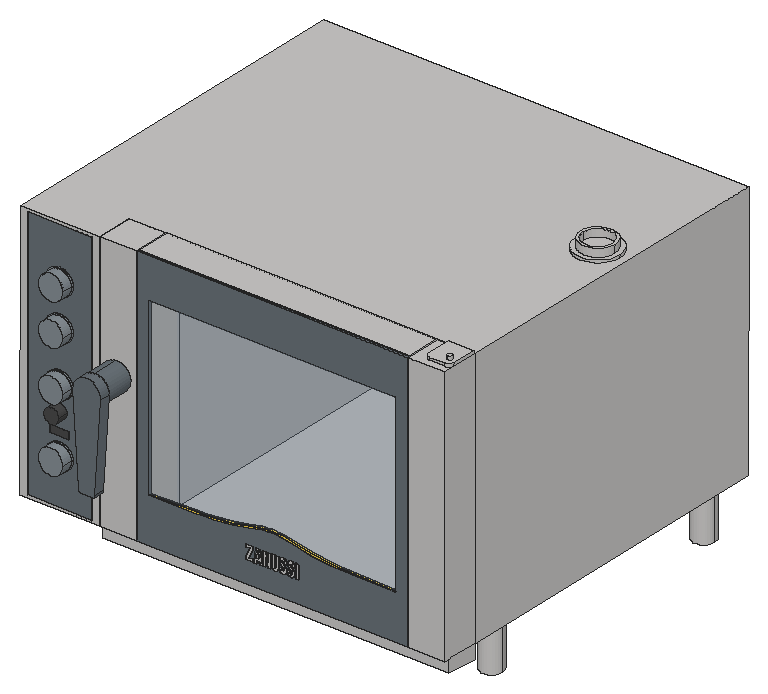
Revit family "QF_ZANUSSI_240450_ZFCE61SSDS", category Attrezzature speciali, Revit 2023
Family settings
  Quota connettore circolare = Usa diametro
  Tipo di parte = Normale
  Basato su piano di lavoro = No
  Attiva taglio nelle viste = No
  Sempre verticale = Sì
  Taglio con vuoti quando caricato = No
  Mantieni orientamento annotazione = No
  Condiviso = No
  Punto di calcolo locali = No
Parameters (values of type "Standard")
  Weight = 92.10 kg
  Watts = 350 W
  Volts = 220 V
  URL Manufacturer = "https://www.electroluxprofessional.com/"
  URL = "https://www.electroluxprofessional.com/"
  Steam Supply Size = 0 mm
  Steam Supply Minimum Pressure = 0.0 Pa
  Steam Supply Maximum Pressure = 0.0 Pa
  Steam Consumption per Hour = 0
  Show Logo [instance] = yes
  Show Clearance [instance] = yes
  Refrigeration Suction Line Size = 0 mm
  Refrigeration Liquid Line Size = 0 mm
  Refrigerant Compressor Remote = yes
  Prospetto di default = 0 mm
  Produttore = "Electrolux Professional"
  Phase = 1
  Modello = "EFCG61CSAS"
  Length Actual = 860 mm  # constant formula
  Item Number = "260813"
  Hot Water Size = 0 mm
  Height Actual = 701 mm  # constant formula
  HP = "0.5 HP"
  Gas Size = 12.7 mm
  Gas KW = 8.5
  Gas Input Pressure = 0.0585289 W
  Direct Waste Size = 25 mm
  Descrizione = "CONVECTION OVEN CW 6 GN 1/1 - GAS"
  Depth Actual = 767 mm  # constant formula
  Cycle = 50 Hz
  Condensate Return Size = 0 mm
  Compressed Air Volume = 0.0 L/s
  Compressed Air Size = 0 mm
  Compressed Air Pressure = 0.0 Pa
  Cold Water Size = 19.05 mm
  Accessory = yes
Reference planes
  plane 1 "Center X": y = 96.351
  plane 2: z = 0
  plane 3 "Center Y": x = -330
  plane 4 "LEFT": x = -760
  plane 5 "BACK": y = 479.851
  plane 6 "RIGHT": x = 100
  plane 7 "FRONT": y = -287.149
  plane 8: x = -710
  plane 9 "FeetBack": y = 429.851
  plane 10 "DoorDepth": y = -212.149
  plane 11: x = 80
  plane 12 "BASE": z = 108
  plane 13 "TOP": z = 633
  plane 14: z = 0
  plane 15 "1": y = 173.851
  plane 16 "FeetFront": y = -107.149
  plane 17: z = 653.369
  plane 18: y = -362.149
  plane 19 "Drain_X": x = -323
  plane 20 "Drain_Y": y = 61.851
  plane 21 "EI_x": x = -663
  plane 22 "EI_y": y = 13.851
  plane 23 "CWI_y": y = 304.851
  plane 24 "CWI_x": x = -689
  plane 25: y = -935.149
  plane 26: x = 40
Forms (mm)
  Extrusion 1, solid, material "QF_Finishes_Stainless Steel"
    sketch origin (0, 2, 108) x (-1, 0, 0) y (0, -1, 0)
      loop
        circle (689, -302.851) r 13.25
    from -5 to 0
  Extrusion 2, solid, material "QF_Finishes_Stainless Steel"
    sketch origin (0, 57.5, 108) x (-1, 0, 0) y (0, -1, 0)
      loop
        circle (663, 43.649) r 13.25
    from -5 to 0
  Extrusion 3, solid, material "QF_Finishes_Stainless Steel"
    sketch origin (89, -125, 108) x (-1, 0, 0) y (0, -1, 0)
      loop
        circle (412, -186.851) r 13.25
    from -5 to 0
  Extrusion 4, solid, material "QF_Finishes_Black"
    sketch origin (0, -287.149, 127) x (-1, 0, 0) y (0, 0, 1)
      loop
        circle (680.941, 161.023) r 15
    from 0 to -20
  Extrusion 5, solid, material "QF_Finishes_Stainless Steel"
    sketch origin (15, -153.5, 108) x (-1, 0, 0) y (0, -1, 0)
      loop
        circle (694, -119.351) r 13.25
    from -5 to 0
  Extrusion 6, solid, material "QF_Finishes_Zanussi_Soft Gray"
    sketch origin (0, -287.149, -6) x (-1, 0, 0) y (0, 0, 1)
      loop
        circle (680, 528.824) r 26.676
    from 0 to -3
  Blend 7, solid, material "QF_Finishes_Zanussi_Soft Gray"
    base sketch origin (0, -287.149, -6) x (-1, 0, 0) y (0, 0, 1)
      loop
        circle (680, 528.824) r 25
    top sketch origin (0, -287.149, -6) x (-1, 0, 0) y (0, 0, 1)
      loop
        circle (680, 528.824) r 24.8
    from -3 to -23
  Extrusion 8, solid, material "QF_Finishes_Zanussi_Soft Gray"
    sketch origin (0, -287.149, -5) x (-1, 0, 0) y (0, 0, 1)
      loop
        circle (680, 443.824) r 26.676
    from 0 to -3
  Blend 9, solid, material "QF_Finishes_Zanussi_Soft Gray"
    base sketch origin (0, -287.149, -5) x (-1, 0, 0) y (0, 0, 1)
      loop
        circle (680, 443.824) r 25
    top sketch origin (0, -287.149, -5) x (-1, 0, 0) y (0, 0, 1)
      loop
        circle (680, 443.824) r 24.8
    from -3 to -23
  Extrusion 10, solid, material "QF_Finishes_Zanussi_Soft Gray"
    sketch origin (0, -287.149, -22) x (-1, 0, 0) y (0, 0, 1)
      loop
        circle (680, 358.824) r 26.676
    from 0 to -3
  Blend 11, solid, material "QF_Finishes_Zanussi_Soft Gray"
    base sketch origin (0, -287.149, -22) x (-1, 0, 0) y (0, 0, 1)
      loop
        circle (680, 358.824) r 25
    top sketch origin (0, -287.149, -22) x (-1, 0, 0) y (0, 0, 1)
      loop
        circle (680, 358.824) r 24.8
    from -3 to -23
  Extrusion 12, solid, material "QF_Finishes_Stainless Steel"
    sketch origin (0, 0, 108) x (-1, 0, 0) y (0, -1, 0)
      loop
        line (760, -479.851) -> (760, 287.149) -> (600, 287.149) -> (600, 212.149) -> (-100, 212.149) -> (-100, -479.851) -> (760, -479.851)
    from 525 to 0
  Extrusion 13, solid, material "QF_Finishes_Zanussi_Dark Gray"
    sketch origin (0, -287.149, 0) x (-1, 0, 0) y (0, 0, 1)
      loop
        line (745, 628) -> (615, 628) -> (615, 113) -> (745, 113) -> (745, 628)
      loop
        line (660.941, 258.023) -> (660.941, 243.023) -> (700.941, 243.023) -> (700.941, 258.023) -> (660.941, 258.023)
    from 0 to 5
  Extrusion 14, void
    sketch origin (0, -287.149, 0) x (-1, 0, 0) y (0, 0, 1)
      loop
        line (745, 628) -> (615, 628) -> (615, 113) -> (745, 113) -> (745, 628)
    from 0 to 5
  Extrusion 15, void
    sketch origin (0, -287.149, 0) x (-1, 0, 0) y (0, 0, 1)
      loop
        line (-71.369, 123) -> (525, 123) -> (525, 613) -> (-71.369, 613) -> (-71.369, 123)
    from 737 to 75
  Extrusion 16, solid, material "QF_Finishes_Black"
    sketch origin (0, -287.149, 0) x (-1, 0, 0) y (0, 0, 1)
      loop
        line (700.941, 258.023) -> (660.941, 258.023) -> (660.941, 243.023) -> (700.941, 243.023) -> (700.941, 258.023)
    from 5 to 0
  Extrusion 17, solid, material "QF_Clearances", detail levels coarse
    sketch origin (0, 0, 0) x (1, 0, 0) y (0, 1, 0)
      loop
        line (-810, -287.149) -> (-760, -287.149) -> (-760, 479.851) -> (100, 479.851) -> (100, -287.149) -> (150, -287.149) -> (150, 529.851) -> (-810, 529.851) -> (-810, -287.149)
    from 633 to 0
  Extrusion 18, solid, material "QF_Finishes_Stainless Steel"
    sketch origin (0, 0, 633) x (-1, 0, 0) y (0, -1, 0)
      loop
        circle (-40, -173.851) r 45
    from 5 to 0
  Extrusion 19, solid, material "QF_Finishes_Stainless Steel"
    sketch origin (0, 0, 633) x (-1, 0, 0) y (0, -1, 0)
      loop
        circle (-40, -173.851) r 35
      loop
        circle (-40, -173.851) r 30
    from 5 to 20.369
  Extrusion 20, solid, material "QF_Finishes_Zanussi_Soft Gray"
    sketch origin (0, -287.149, -152) x (-1, 0, 0) y (0, 0, 1)
      loop
        circle (680, 358.824) r 26.676
    from 0 to -3
  Blend 21, solid, material "QF_Finishes_Zanussi_Soft Gray"
    base sketch origin (0, -287.149, -152) x (-1, 0, 0) y (0, 0, 1)
      loop
        circle (680, 358.824) r 25
    top sketch origin (0, -287.149, -152) x (-1, 0, 0) y (0, 0, 1)
      loop
        circle (680, 358.824) r 24.8
    from -3 to -23
Cuts and joins
  Extrusion 14, Extrusion 15 cuts Extrusion 12
Lines and regions (mm)
  symbolic lines
    curve 1: line (-760, -287.149, 1620) -> (-760, 479.851, 1620)
    curve 2: line (-760, 479.851, 1620) -> (100, 479.851, 1620)
    curve 3: line (-600, -212.149, 1620) -> (100, -212.149, 1620)
    curve 4: line (-600, -212.149, 1620) -> (-600, -287.149, 1620)
    curve 5: line (-760, -287.149, 1620) -> (-600, -287.149, 1620)
    curve 6: line (-706.676, -290.149, 1620) -> (-653.324, -290.149, 1620)
    curve 7: line (-706.676, -290.149, 1620) -> (-706.676, -287.149, 1620)
    curve 8: line (-653.324, -290.149, 1620) -> (-653.324, -287.149, 1620)
    curve 9: line (100, 479.851, 1620) -> (100, -287.149, 1620)
    curve 10: line (-704.8, -310.149, 684) -> (-655.2, -310.149, 684)
    curve 11: line (-704.8, -310.149, 684) -> (-705, -290.149, 684)
    curve 12: line (-655.2, -310.149, 684) -> (-655, -290.149, 684)
    curve 18: circle (40, 173.851, 633) r 45 normal (0, 0, 1)
    curve 19: circle (40, 173.851, 633) r 35 normal (0, 0, 1)
    curve 20: circle (40, 173.851, 633) r 30 normal (0, 0, -1)
  symbolic lines, style "QF_Clearances", detail levels coarse
    curve 13: line (-810, -287.149, 0) -> (-810, 529.851, 0)
    curve 14: line (-810, 529.851, 0) -> (150, 529.851, 0)
    curve 15: line (150, 529.851, 0) -> (150, -287.149, 0)
    curve 16: line (150, -287.149, 0) -> (100, -287.149, 0)
    curve 17: line (-810, -287.149, 0) -> (-753.438, -287.149, 0)
Dimensions and locks
  equal spacing: plane 4 "LEFT", plane 3 "Center Y", plane 6 "RIGHT"
  "Length Actual": plane 4 "LEFT" to plane 6 "RIGHT"
  "Depth Actual": plane 5 "BACK" to plane 7 "FRONT"
  equal spacing: plane 5 "BACK", plane 1 "Center X", plane 7 "FRONT"
  plane 12 "BASE" to plane 14 = 108 mm
  plane 13 "TOP" to plane 12 "BASE" = 525 mm
  plane 13 "TOP" to plane 14 = 633 mm
  plane 5 "BACK" to plane 9 "FeetBack" = 50 mm
  plane 9 "FeetBack" to plane 16 "FeetFront" = 537 mm
  locked: plane 16 "FeetFront" to plane 7 "FRONT" at 180
  plane 17 to plane 13 "TOP" to plane 12 "BASE" to level = 20.369 mm, 525 mm, 108 mm
  plane 17 to level = 653.369 mm  (x2)
  plane 7 "FRONT" to plane 18 = 75 mm
  plane 5 "BACK" to plane 20 "Drain_Y" = 418 mm
  plane 4 "LEFT" to plane 19 "Drain_X" = 437 mm
  plane 4 "LEFT" to plane 21 "EI_x" = 97 mm
  plane 5 "BACK" to plane 22 "EI_y" = 466 mm
  plane 5 "BACK" to plane 23 "CWI_y" = 175 mm
  plane 4 "LEFT" to plane 24 "CWI_x" = 71 mm
  plane 5 "BACK" to plane 15 "1" = 306 mm
  plane 5 "BACK" to plane 25 = 1415 mm
  locked: plane 10 "DoorDepth" to plane 7 "FRONT" at 75
  plane 26 to plane 6 "RIGHT" = 60 mm
  aligned and locked: level to plane 2
  aligned and locked: plane 12 "BASE" to nested 1
  aligned and locked: plane 12 "BASE" to nested 2
  aligned and locked: plane 12 "BASE" to nested 4
  aligned and locked: plane 12 "BASE" to nested 3
  aligned and locked: plane 23 "CWI_y" to Extrusion 1
Automatic sketch dimensions
  curve 17 to plane 7 "FRONT" = 0 mm
  curve 16 to plane 6 "RIGHT" = 0 mm
  curve 16 to plane 7 "FRONT" = 0 mm
  curve 13 to plane 4 "LEFT" = 50 mm
  plane 6 "RIGHT" to curve 16 = 50 mm
  plane 5 "BACK" to curve 14 = 50 mm
  plane 4 "LEFT" to curve 17 = 6.562 mm
  curve 9 to plane 5 "BACK" = 0 mm
  curve 9 to plane 6 "RIGHT" = 0 mm
  curve 3 to plane 10 "DoorDepth" = 0 mm
  curve 5 to plane 7 "FRONT" = 0 mm
  curve 5 to plane 4 "LEFT" = 0 mm
  curve 9 to plane 7 "FRONT" = 0 mm
  plane 21 "EI_x" to curve 3 = 63 mm
  curve 6 to plane 7 "FRONT" = 3 mm
  plane 21 "EI_x" to curve 6 = 9.676 mm
  plane 8 to curve 7 = 3.324 mm
  Extrusion 1 sketch curve to plane 23 "CWI_y" = 0 mm
  Extrusion 1 sketch curve to plane 24 "CWI_x" = 0 mm
  Extrusion 2 sketch curve to plane 21 "EI_x" = 0 mm
  Extrusion 2 sketch curve to plane 22 "EI_y" = 0 mm
  Extrusion 3 sketch curve to plane 19 "Drain_X" = 0 mm
  Extrusion 3 sketch curve to plane 20 "Drain_Y" = 0 mm
  plane 24 "CWI_x" to Extrusion 4 sketch curve = 8.059 mm
  plane 12 "BASE" to Extrusion 4 sketch curve = 180.023 mm
  plane 24 "CWI_x" to Extrusion 5 sketch curve = 10 mm
  Extrusion 5 sketch curve to plane 22 "EI_y" = 48 mm
  plane 21 "EI_x" to curve 10 = 7.8 mm
  plane 8 to curve 11 = 5.2 mm
  curve 11 to plane 7 "FRONT" = 23 mm
  curve 12 to plane 7 "FRONT" = 3 mm
  plane 21 "EI_x" to curve 12 = 8 mm
  plane 8 to curve 11 = 5 mm
  curve 11 to plane 7 "FRONT" = 3 mm
  plane 24 "CWI_x" to Extrusion 6 sketch curve = 9 mm
  Extrusion 6 sketch curve to plane 13 "TOP" = 110.176 mm
  plane 24 "CWI_x" to Blend 7 sketch curve = 9 mm  (x2)
  Blend 7 sketch curve to plane 13 "TOP" = 110.176 mm  (x2)
  plane 24 "CWI_x" to Extrusion 8 sketch curve = 9 mm
  Extrusion 8 sketch curve to plane 13 "TOP" = 194.176 mm
  plane 24 "CWI_x" to Blend 9 sketch curve = 9 mm  (x2)
  Blend 9 sketch curve to plane 13 "TOP" = 194.176 mm  (x2)
  plane 24 "CWI_x" to Extrusion 10 sketch curve = 9 mm
  plane 12 "BASE" to Extrusion 10 sketch curve = 228.824 mm
  plane 24 "CWI_x" to Blend 11 sketch curve = 9 mm  (x2)
  plane 12 "BASE" to Blend 11 sketch curve = 228.824 mm  (x2)
  Extrusion 12 sketch curve to plane 5 "BACK" = 0 mm
  Extrusion 12 sketch curve to plane 6 "RIGHT" = 0 mm
  Extrusion 12 sketch curve to plane 10 "DoorDepth" = 0 mm
  Extrusion 12 sketch curve to plane 7 "FRONT" = 0 mm
  Extrusion 12 sketch curve to plane 4 "LEFT" = 0 mm
  plane 21 "EI_x" to Extrusion 12 sketch curve = 63 mm
  Extrusion 13 sketch curve to plane 13 "TOP" = 5 mm
  plane 21 "EI_x" to Extrusion 13 sketch curve = 48 mm
  plane 21 "EI_x" to Extrusion 13 sketch curve = 2.059 mm
  plane 8 to Extrusion 13 sketch curve = 9.059 mm
  plane 4 "LEFT" to Extrusion 13 sketch curve = 15 mm
  plane 12 "BASE" to Extrusion 13 sketch curve = 150.023 mm
  Extrusion 13 sketch curve to Extrusion 13 sketch curve = 15 mm
  plane 12 "BASE" to Extrusion 13 sketch curve = 5 mm
  Extrusion 14 sketch curve to plane 13 "TOP" = 5 mm
  plane 21 "EI_x" to Extrusion 14 sketch curve = 48 mm
  plane 12 "BASE" to Extrusion 14 sketch curve = 5 mm
  plane 4 "LEFT" to Extrusion 14 sketch curve = 15 mm
  Extrusion 15 sketch curve to plane 11 = 8.631 mm
  Extrusion 15 sketch curve to plane 13 "TOP" = 20 mm
  plane 21 "EI_x" to Extrusion 15 sketch curve = 138 mm
  plane 12 "BASE" to Extrusion 15 sketch curve = 15 mm
  plane 21 "EI_x" to Extrusion 16 sketch curve = 2.059 mm
  plane 8 to Extrusion 16 sketch curve = 9.059 mm
  plane 12 "BASE" to Extrusion 16 sketch curve = 135.023 mm
  Extrusion 16 sketch curve to Extrusion 16 sketch curve = 15 mm
  Extrusion 17 sketch curve to plane 7 "FRONT" = 0 mm  (x2)
  Extrusion 17 sketch curve to plane 4 "LEFT" = 0 mm
  Extrusion 17 sketch curve to plane 5 "BACK" = 0 mm
  Extrusion 17 sketch curve to plane 6 "RIGHT" = 0 mm
  Extrusion 17 sketch curve to Extrusion 17 sketch curve = 50 mm
  plane 6 "RIGHT" to Extrusion 17 sketch curve = 50 mm
  plane 5 "BACK" to Extrusion 17 sketch curve = 50 mm
  Extrusion 18 sketch curve to plane 15 "1" = 0 mm
  Extrusion 18 sketch curve to plane 26 = 0 mm
  Extrusion 19 sketch curve to Extrusion 19 sketch curve = 0 mm  (x2)
  Extrusion 19 sketch curve to plane 15 "1" = 0 mm
  Extrusion 19 sketch curve to plane 26 = 0 mm
  plane 24 "CWI_x" to Extrusion 20 sketch curve = 9 mm
  plane 12 "BASE" to Extrusion 20 sketch curve = 98.824 mm
  plane 24 "CWI_x" to Blend 21 sketch curve = 9 mm  (x2)
  plane 12 "BASE" to Blend 21 sketch curve = 98.824 mm  (x2)
  radius of Extrusion 1 sketch curve = 13.25 mm
  radius of Extrusion 2 sketch curve = 13.25 mm
  radius of Extrusion 3 sketch curve = 13.25 mm
  radius of Extrusion 4 sketch curve = 15 mm
  radius of Extrusion 5 sketch curve = 13.25 mm
  radius of Extrusion 6 sketch curve = 26.676 mm
  radius of Blend 7 sketch curve = 25 mm
  radius of Blend 7 sketch curve = 24.8 mm
  radius of Extrusion 8 sketch curve = 26.676 mm
  radius of Blend 9 sketch curve = 25 mm
  radius of Blend 9 sketch curve = 24.8 mm
  radius of Extrusion 10 sketch curve = 26.676 mm
  radius of Blend 11 sketch curve = 25 mm
  radius of Blend 11 sketch curve = 24.8 mm
  radius of Extrusion 18 sketch curve = 45 mm
  radius of Extrusion 19 sketch curve = 35 mm
  radius of Extrusion 19 sketch curve = 30 mm
  radius of Extrusion 20 sketch curve = 26.676 mm
  radius of Blend 21 sketch curve = 25 mm
  radius of Blend 21 sketch curve = 24.8 mm
Nested families
  nested 1: "Foot" at (-710, -107.149, 0), type "Foot"
    with Ø 22 mm, H 108 mm
  nested 2: "Foot" at (50, -107.149, 0), type "Foot"
    with Ø 22 mm, H 108 mm
  nested 3: "Foot" at (50, 429.851, 0), type "Foot"
    with Ø 22 mm, H 108 mm
  nested 4: "Foot" at (-710, 429.851, 0), type "Foot"
    with Ø 22 mm, H 108 mm
  nested 5: "ZAN_DOOR_CROSSWISE_H525" at (100, -215.149, 0), type "ZAN_DOOR_CROSSWISE_H525"
    with Show Clearance yes
Connectors
  piping at (-323, 61.851, 103), diameter 25, driven by "Direct Waste Size"
    settings: on Extrusion 3, index 6, connector inside diameter 609.6 mm, connector length 0 mm, flow factor 0, pipe flow 0.0 L/s, pressure drop 0.0 Pa, fitting loss kfactor 0, connector angle 0.00°, fixture units 0, engagement length 0 mm, angle of deflection 0.00°, flow configuration 0, flow direction 2, fitting loss method 0, system type 16, joint type 0, gender type 0, connector reference index -1, connector utility 0, adjustable connector no, is connector primary yes, connector description "Drain"
  electrical at (-663, 13.851, 103)
    settings: on Extrusion 2, index 7, voltage 0 V, apparent load 0 VA, apparent load phase1 0 VA, apparent load phase2 0 VA, apparent load phase3 0 VA, power factor 1, load classification "Altro", number of poles 1, system type 30, power factor state 1, is connector primary yes, connector utility no, sub classification motor no, connector description "Electrical Connection"
  piping at (-689, 304.851, 103), diameter 19.05, driven by "Cold Water Size"
    settings: on Extrusion 1, index 8, connector inside diameter 609.6 mm, connector length 0 mm, flow factor 0, pipe flow 0.0 L/s, pressure drop 0.0 Pa, fitting loss kfactor 0, connector angle 0.00°, fixture units 0, engagement length 0 mm, angle of deflection 0.00°, flow configuration 0, flow direction 2, fitting loss method 0, system type 20, joint type 0, gender type 0, connector reference index -1, connector utility 0, adjustable connector no, is connector primary no, connector description "Cold Water Inlet"
Definition of nested family "Foot"
  Parameters
    Ø [instance] = 20 mm
    Default Elevation = 0 mm
    H [instance] = 50 mm
  Reference planes
    plane 1 "Centro (Fronte/Retro)": y = 0
    plane 2: z = 0
    plane 3 "Centro (Sinistra/Destra)": x = 0
    plane 4: z = 50
  Forms (mm)
    Revolve 1, solid
      sketch origin (255.05, 0, 608.09) x (0, 0, 1) y (-1, 0, 0)
        loop
          line (-608.09, 255.05) -> (-608.09, 235.05) -> (-558.09, 235.05) -> (-558.09, 255.05) -> (-608.09, 255.05)
        axis (-608.09, 255.05) -> (-558.09, 255.05)
      angle from 0 to 360
  Dimensions and locks
    "H": plane 4 to plane 2
    "Ø": Revolve 1 sketch curve to Revolve 1 sketch curve
    aligned and locked: level to plane 2
    aligned and locked: plane 4 to Revolve 1 sketch curve
    aligned and locked: Revolve 1 sketch curve to level
    aligned and locked: plane 3 "Centro (Sinistra/Destra)" to Revolve 1 sketch curve
  Automatic sketch dimensions
    Revolve 1 sketch curve to plane 3 "Centro (Sinistra/Destra)" = 0 mm
    Revolve 1 sketch curve to Revolve 1 sketch curve = 50 mm
    Revolve 1 sketch curve to Revolve 1 sketch curve = 20 mm
Definition of nested family "ZAN_DOOR_CROSSWISE_H525"
  Parameters (values of type "ZAN_DOOR_CROSSWISE_H525")
    sp_Lama = 5 mm
    Z_Maniglia = 285 mm
    W_Door = 700 mm
    Show Clearance [instance] = yes
    Default Elevation = 0 mm
    H_Feet = 108 mm
    H_FasciaTop = 75 mm
    H_Door = 525 mm
    W_fasce = 75 mm
    Direct Waste Size = 25 mm
  Reference planes
    plane 1 "Center (Front/Back)": y = 3
    plane 2: z = 0
    plane 3 "Center (Left/Right)": x = 0
    plane 4 "Top": z = 633
    plane 5 "Feet": z = 108
    plane 6 "Front": y = -72
    plane 7: z = 628
    plane 8: z = 553
    plane 9: x = -600
    plane 10: x = -75
    plane 11: x = -700
    plane 12: x = -625
    plane 13: x = -100
    plane 14: x = -624
    plane 15: x = -76
    plane 16: z = 132
    plane 17: z = 393
    plane 18: x = -665
  Forms (mm)
    Extrusion 1, solid
      sketch origin (0, -72, 0) x (0, 0, -1) y (-1, 0, 0)
        loop
          line (-633, 700) -> (-633, 625) -> (-108, 625) -> (-108, 700) -> (-633, 700)
        loop
          line (-633, 0) -> (-108, 0) -> (-108, 75) -> (-633, 75) -> (-633, 0)
      from 0 to 75
    Extrusion 2, solid
      sketch origin (0, -72, 0) x (0, 0, -1) y (-1, 0, 0)
        loop
          line (-199.529, 600) -> (-553, 600) -> (-553, 100) -> (-199.529, 100) -> (-199.529, 176.502) -> (-199.716, 190.941) -> (-200.068, 211.042)
          arc (-200.068, 211.042) -> (-200.373, 221.113) -> (-200.944, 231.172) r 381.251
          arc (-200.944, 231.172) -> (-202.69, 251.25) -> (-205.394, 271.221) r 421.149
          arc (-205.394, 271.221) -> (-208.274, 287.092) -> (-211.548, 302.885) r 647.683
          arc (-211.548, 302.885) -> (-214.401, 316.603) -> (-216.93, 330.384) r 593.178
          arc (-216.93, 330.384) -> (-217.581, 335.587) -> (-218.06, 340.808) r 159.42
          arc (-218.06, 340.808) -> (-218.307, 345.507) -> (-218.401, 350.211) r 143.741
          arc (-218.401, 350.211) -> (-218.306, 354.916) -> (-218.057, 359.615) r 143.741
          arc (-218.057, 359.615) -> (-217.576, 364.836) -> (-216.923, 370.039) r 159.42
          arc (-216.923, 370.039) -> (-214.399, 383.796) -> (-211.55, 397.489) r 593.18
          arc (-211.55, 397.489) -> (-208.278, 413.271) -> (-205.4, 429.129) r 647.681
          arc (-205.4, 429.129) -> (-202.709, 448.969) -> (-200.965, 468.913) r 421.147
          arc (-200.965, 468.913) -> (-200.379, 479.117) -> (-200.068, 489.332) r 381.251
          line (-200.068, 489.332) -> (-199.716, 509.433) -> (-199.529, 523.872) -> (-199.529, 600)
        loop
          line (-108, 76) -> (-108, 624) -> (-633, 624) -> (-633, 76) -> (-108, 76)
      from 0 to 5
    Extrusion 3, void
      sketch origin (-100, -72, 0) x (-1, 0, 0) y (0, 0, 1)
        loop
          line (288.603, 151.973) -> (303.509, 151.973) -> (303.509, 157.706) -> (295.318, 174.905) -> (302.853, 174.741) -> (302.853, 179.982) -> (288.603, 179.982) -> (288.603, 175.232) -> (297.201, 157.706) -> (288.603, 157.706) -> (288.603, 151.973)
        loop
          line (280.375, 162.456) -> (278.737, 175.195) -> (277.1, 162.456) -> (280.375, 162.456)
        loop
          line (281.849, 151.973) -> (287.746, 151.973) -> (282.669, 179.982) -> (274.806, 179.982) -> (269.565, 151.973) -> (275.461, 151.973) -> (276.281, 157.378) -> (281.031, 157.378) -> (281.849, 151.973)
        loop
          line (268.839, 179.982) -> (262.778, 179.982) -> (258.028, 162.128) -> (258.028, 179.982) -> (252.786, 179.982) -> (252.786, 151.973) -> (259.011, 151.973) -> (263.761, 170.482) -> (263.761, 151.973) -> (268.839, 151.973) -> (268.839, 179.982)
        loop
          line (251.476, 158.9) -> (251.476, 179.982) -> (245.743, 179.982) -> (245.743, 158.689)
          arc (245.743, 158.689) -> (243.81, 157.443) -> (242.303, 159.18) r 1.755
          line (242.303, 159.18) -> (242.303, 179.982) -> (236.57, 179.982) -> (236.57, 157.87)
          arc (236.57, 157.87) -> (244.469, 151.928) -> (251.476, 158.9) r 7.548
        loop
          line (225.923, 171.137) -> (225.923, 174.183)
          arc (225.923, 174.183) -> (228.232, 175.801) -> (229.849, 173.492) r 1.993
          arc (229.849, 173.492) -> (229.394, 172.205) -> (228.544, 171.137) r 4.132
          line (228.544, 171.137) -> (222.261, 165.482)
          arc (222.261, 165.482) -> (220.244, 161.234) -> (220.358, 156.532) r 10.152
          arc (220.358, 156.532) -> (226.648, 151.979) -> (234.116, 154.106) r 8.889
          arc (234.116, 154.106) -> (235.696, 157.791) -> (235.751, 161.801) r 10.311
          line (235.751, 161.801) -> (230.033, 161.801)
          arc (230.033, 161.801) -> (230.009, 161.099) -> (230.033, 160.396) r 10.165
          arc (230.033, 160.396) -> (230.059, 159.653) -> (230.033, 158.91) r 10.759
          arc (230.033, 158.91) -> (229.7, 157.855) -> (228.922, 157.068) r 2.359
          arc (228.922, 157.068) -> (226.339, 157.656) -> (226.065, 160.291) r 2.275
          arc (226.065, 160.291) -> (227.174, 161.799) -> (228.6, 163.01) r 8.056
          line (228.6, 163.01) -> (231.016, 165.151)
          arc (231.016, 165.151) -> (233.167, 167.4) -> (234.919, 169.972) r 18.895
          arc (234.919, 169.972) -> (235.183, 174.623) -> (233.05, 178.765) r 8.857
          arc (233.05, 178.765) -> (227.818, 180.471) -> (222.586, 178.765) r 8.876
          arc (222.586, 178.765) -> (220.806, 176.522) -> (220.429, 173.684) r 5.378
          line (220.429, 173.684) -> (220.518, 171.137) -> (225.923, 171.137)
        loop
          line (209.587, 171.137) -> (209.587, 174.183)
          arc (209.587, 174.183) -> (211.896, 175.801) -> (213.513, 173.492) r 1.993
          arc (213.513, 173.492) -> (213.058, 172.205) -> (212.208, 171.137) r 4.132
          line (212.208, 171.137) -> (205.924, 165.482)
          arc (205.924, 165.482) -> (203.908, 161.234) -> (204.022, 156.532) r 10.152
          arc (204.022, 156.532) -> (210.312, 151.979) -> (217.779, 154.106) r 8.889
          arc (217.779, 154.106) -> (219.36, 157.791) -> (219.415, 161.801) r 10.311
          line (219.415, 161.801) -> (213.696, 161.801)
          arc (213.696, 161.801) -> (213.672, 161.099) -> (213.696, 160.396) r 10.165
          arc (213.696, 160.396) -> (213.722, 159.653) -> (213.696, 158.91) r 10.759
          arc (213.696, 158.91) -> (213.363, 157.855) -> (212.586, 157.068) r 2.359
          arc (212.586, 157.068) -> (210.003, 157.656) -> (209.729, 160.291) r 2.275
          arc (209.729, 160.291) -> (210.837, 161.799) -> (212.264, 163.01) r 8.056
          line (212.264, 163.01) -> (214.679, 165.151)
          arc (214.679, 165.151) -> (216.83, 167.4) -> (218.583, 169.972) r 18.895
          arc (218.583, 169.972) -> (218.847, 174.623) -> (216.714, 178.765) r 8.857
          arc (216.714, 178.765) -> (211.482, 180.471) -> (206.25, 178.765) r 8.876
          arc (206.25, 178.765) -> (204.469, 176.522) -> (204.093, 173.684) r 5.378
          line (204.093, 173.684) -> (204.182, 171.137) -> (209.587, 171.137)
        loop
          line (202.992, 179.982) -> (197.259, 179.982) -> (197.259, 151.973) -> (202.992, 151.973) -> (202.992, 179.982)
      from 0 to 2
    Extrusion 4, solid
      sketch origin (0, -72, 0) x (0, 0, -1) y (-1, 0, 0)
        loop
          line (-202.139, 509.481) -> (-202.564, 489.393)
          arc (-202.564, 489.393) -> (-202.899, 479.36) -> (-203.486, 469.339) r 398.755
          arc (-203.486, 469.339) -> (-205.267, 449.395) -> (-208.001, 429.558) r 418.492
          arc (-208.001, 429.558) -> (-210.747, 414.666) -> (-213.78, 399.829) r 786.502
          arc (-213.78, 399.829) -> (-217.005, 385.332) -> (-219.595, 370.709) r 340.705
          arc (-219.595, 370.709) -> (-220.306, 365.406) -> (-220.802, 360.079) r 132.002
          arc (-220.802, 360.079) -> (-221.067, 355.145) -> (-221.148, 350.205) r 132.002
          arc (-221.148, 350.205) -> (-221.068, 345.264) -> (-220.804, 340.33) r 132.002
          arc (-220.804, 340.33) -> (-220.308, 334.985) -> (-219.595, 329.665) r 132.002
          arc (-219.595, 329.665) -> (-217.005, 315.042) -> (-213.78, 300.546) r 340.705
          arc (-213.78, 300.546) -> (-210.745, 285.697) -> (-207.996, 270.792) r 786.502
          arc (-207.996, 270.792) -> (-205.264, 250.951) -> (-203.484, 231.002) r 418.492
          arc (-203.484, 231.002) -> (-202.898, 220.998) -> (-202.564, 210.981) r 398.755
          line (-202.564, 210.981) -> (-202.139, 190.893) -> (-199.529, 100) -> (-199.529, 176.502) -> (-199.716, 190.941) -> (-200.068, 211.042)
          arc (-200.068, 211.042) -> (-200.373, 221.113) -> (-200.944, 231.172) r 381.251
          arc (-200.944, 231.172) -> (-202.69, 251.25) -> (-205.394, 271.221) r 421.149
          arc (-205.394, 271.221) -> (-208.274, 287.092) -> (-211.548, 302.885) r 647.683
          arc (-211.548, 302.885) -> (-214.401, 316.599) -> (-216.929, 330.377) r 593.178
          arc (-216.929, 330.377) -> (-217.58, 335.58) -> (-218.059, 340.801) r 159.419
          arc (-218.059, 340.801) -> (-218.307, 345.5) -> (-218.401, 350.205) r 143.741
          arc (-218.401, 350.205) -> (-218.306, 354.909) -> (-218.057, 359.608) r 143.741
          arc (-218.057, 359.608) -> (-217.578, 364.812) -> (-216.929, 369.997) r 159.42
          arc (-216.929, 369.997) -> (-214.401, 383.775) -> (-211.549, 397.489) r 593.179
          arc (-211.549, 397.489) -> (-208.277, 413.271) -> (-205.398, 429.129) r 647.683
          arc (-205.398, 429.129) -> (-202.696, 449.074) -> (-200.95, 469.125) r 421.148
          arc (-200.95, 469.125) -> (-200.375, 479.223) -> (-200.068, 489.332) r 381.251
          line (-200.068, 489.332) -> (-199.716, 509.433) -> (-199.529, 523.872) -> (-199.529, 600.013) -> (-202.139, 509.481)
      from 0 to 5
    Extrusion 5, solid
      sketch origin (0, -72, 0) x (0, 0, -1) y (-1, 0, 0)
        loop
          line (-151.973, 388.603) -> (-151.973, 403.509) -> (-157.706, 403.509) -> (-174.905, 395.318) -> (-174.741, 402.853) -> (-179.982, 402.853) -> (-179.982, 388.603) -> (-175.232, 388.603) -> (-157.706, 397.201) -> (-157.706, 388.603) -> (-151.973, 388.603)
        loop
          line (-162.456, 380.375) -> (-175.195, 378.737) -> (-162.456, 377.1) -> (-162.456, 380.375)
        loop
          line (-151.973, 381.849) -> (-151.973, 387.746) -> (-179.982, 382.669) -> (-179.982, 374.806) -> (-151.973, 369.565) -> (-151.973, 375.461) -> (-157.378, 376.281) -> (-157.378, 381.031) -> (-151.973, 381.849)
        loop
          line (-179.982, 368.839) -> (-179.982, 362.778) -> (-162.128, 358.028) -> (-179.982, 358.028) -> (-179.982, 352.786) -> (-151.973, 352.786) -> (-151.973, 359.011) -> (-170.482, 363.761) -> (-151.973, 363.761) -> (-151.973, 368.839) -> (-179.982, 368.839)
        loop
          line (-158.9, 351.476) -> (-179.982, 351.476) -> (-179.982, 345.743) -> (-158.689, 345.743)
          arc (-158.689, 345.743) -> (-157.443, 343.81) -> (-159.18, 342.303) r 1.755
          line (-159.18, 342.303) -> (-179.982, 342.303) -> (-179.982, 336.57) -> (-157.87, 336.57)
          arc (-157.87, 336.57) -> (-151.928, 344.469) -> (-158.9, 351.476) r 7.548
        loop
          line (-171.137, 325.923) -> (-174.183, 325.923)
          arc (-174.183, 325.923) -> (-175.801, 328.232) -> (-173.492, 329.849) r 1.993
          arc (-173.492, 329.849) -> (-172.205, 329.394) -> (-171.137, 328.544) r 4.132
          line (-171.137, 328.544) -> (-165.482, 322.261)
          arc (-165.482, 322.261) -> (-161.234, 320.244) -> (-156.532, 320.358) r 10.152
          arc (-156.532, 320.358) -> (-151.979, 326.648) -> (-154.106, 334.116) r 8.889
          arc (-154.106, 334.116) -> (-157.791, 335.696) -> (-161.801, 335.751) r 10.311
          line (-161.801, 335.751) -> (-161.801, 330.033)
          arc (-161.801, 330.033) -> (-161.099, 330.009) -> (-160.396, 330.033) r 10.165
          arc (-160.396, 330.033) -> (-159.653, 330.059) -> (-158.91, 330.033) r 10.759
          arc (-158.91, 330.033) -> (-157.855, 329.7) -> (-157.068, 328.922) r 2.359
          arc (-157.068, 328.922) -> (-157.656, 326.339) -> (-160.291, 326.065) r 2.275
          arc (-160.291, 326.065) -> (-161.799, 327.174) -> (-163.01, 328.6) r 8.056
          line (-163.01, 328.6) -> (-165.151, 331.016)
          arc (-165.151, 331.016) -> (-167.4, 333.167) -> (-169.972, 334.919) r 18.895
          arc (-169.972, 334.919) -> (-174.623, 335.183) -> (-178.765, 333.05) r 8.857
          arc (-178.765, 333.05) -> (-180.471, 327.818) -> (-178.765, 322.586) r 8.876
          arc (-178.765, 322.586) -> (-176.522, 320.806) -> (-173.684, 320.429) r 5.378
          line (-173.684, 320.429) -> (-171.137, 320.518) -> (-171.137, 325.923)
        loop
          line (-171.137, 309.587) -> (-174.183, 309.587)
          arc (-174.183, 309.587) -> (-175.801, 311.896) -> (-173.492, 313.513) r 1.993
          arc (-173.492, 313.513) -> (-172.205, 313.058) -> (-171.137, 312.208) r 4.132
          line (-171.137, 312.208) -> (-165.482, 305.924)
          arc (-165.482, 305.924) -> (-161.234, 303.908) -> (-156.532, 304.022) r 10.152
          arc (-156.532, 304.022) -> (-151.979, 310.312) -> (-154.106, 317.779) r 8.889
          arc (-154.106, 317.779) -> (-157.791, 319.36) -> (-161.801, 319.415) r 10.311
          line (-161.801, 319.415) -> (-161.801, 313.696)
          arc (-161.801, 313.696) -> (-161.099, 313.672) -> (-160.396, 313.696) r 10.165
          arc (-160.396, 313.696) -> (-159.653, 313.722) -> (-158.91, 313.696) r 10.759
          arc (-158.91, 313.696) -> (-157.855, 313.363) -> (-157.068, 312.586) r 2.359
          arc (-157.068, 312.586) -> (-157.656, 310.003) -> (-160.291, 309.729) r 2.275
          arc (-160.291, 309.729) -> (-161.799, 310.837) -> (-163.01, 312.264) r 8.056
          line (-163.01, 312.264) -> (-165.151, 314.679)
          arc (-165.151, 314.679) -> (-167.4, 316.83) -> (-169.972, 318.583) r 18.895
          arc (-169.972, 318.583) -> (-174.623, 318.847) -> (-178.765, 316.714) r 8.857
          arc (-178.765, 316.714) -> (-180.471, 311.482) -> (-178.765, 306.25) r 8.876
          arc (-178.765, 306.25) -> (-176.522, 304.469) -> (-173.684, 304.093) r 5.378
          line (-173.684, 304.093) -> (-171.137, 304.182) -> (-171.137, 309.587)
        loop
          line (-179.982, 302.992) -> (-179.982, 297.259) -> (-151.973, 297.259) -> (-151.973, 302.992) -> (-179.982, 302.992)
      from 0 to 2
    Extrusion 6, solid
      sketch origin (0, -72, 0) x (0, 0, -1) y (-1, 0, 0)
        loop
          line (-628, 624) -> (-628, 600) -> (-132, 600) -> (-132, 100) -> (-628, 100) -> (-628, 76) -> (-108, 76) -> (-108, 624) -> (-628, 624)
      from 5 to 75
    Extrusion 7, solid
      sketch origin (0, -72, 0) x (0, 0, -1) y (-1, 0, 0)
        loop
          line (-553, 600) -> (-553, 100) -> (-199.519, 100) -> (-202.139, 190.893) -> (-202.564, 210.981)
          arc (-202.564, 210.981) -> (-202.898, 220.998) -> (-203.484, 231.002) r 398.755
          arc (-203.484, 231.002) -> (-205.264, 250.951) -> (-207.996, 270.792) r 418.492
          arc (-207.996, 270.792) -> (-210.742, 285.684) -> (-213.774, 300.521) r 786.502
          arc (-213.774, 300.521) -> (-217.003, 315.03) -> (-219.596, 329.665) r 340.706
          arc (-219.596, 329.665) -> (-220.309, 334.985) -> (-220.805, 340.33) r 132.003
          arc (-220.805, 340.33) -> (-221.069, 345.264) -> (-221.148, 350.205) r 132.003
          arc (-221.148, 350.205) -> (-221.068, 355.145) -> (-220.802, 360.079) r 132.003
          arc (-220.802, 360.079) -> (-220.307, 365.406) -> (-219.596, 370.709) r 132.003
          arc (-219.596, 370.709) -> (-217.005, 385.336) -> (-213.779, 399.836) r 340.706
          arc (-213.779, 399.836) -> (-210.746, 414.673) -> (-208, 429.565) r 786.502
          arc (-208, 429.565) -> (-205.272, 449.36) -> (-203.491, 469.263) r 418.492
          arc (-203.491, 469.263) -> (-202.901, 479.322) -> (-202.564, 489.393) r 398.755
          line (-202.564, 489.393) -> (-202.139, 509.481) -> (-199.529, 600) -> (-553, 600)
      from 0 to 5
    Extrusion 8, solid
      sketch origin (0, -72, 0) x (0, 0, -1) y (-1, 0, 0)
        loop
          line (-628, 600) -> (-628, 100) -> (-132, 100) -> (-132, 600) -> (-628, 600)
      from 75 to 70
    Extrusion 9, solid
      sketch origin (0, -72, 0) x (0, 0, -1) y (-1, 0, 0)
        loop
          line (-628, 624) -> (-633, 624) -> (-633, 76) -> (-628, 76) -> (-628, 624)
      from 5 to 75
    Extrusion 10, solid
      sketch origin (-100, -72, -17) x (-1, 0, 0) y (0, 0, 1)
        loop
          arc (548.194, 231.003) -> (549.77, 227.69) -> (553.183, 226.345) r 5
          line (553.183, 226.345) -> (576.817, 226.345)
          arc (576.817, 226.345) -> (580.24, 227.7) -> (581.808, 231.032) r 5
          line (581.808, 231.032) -> (592.999, 410.21)
          arc (592.999, 410.21) -> (564.012, 437.983) -> (537.056, 408.235) r 28
          line (537.056, 408.235) -> (548.194, 231.003)
      from -55 to -75
    Extrusion 11, solid
      sketch origin (0, -72, 0) x (0, 0, -1) y (-1, 0, 0)
        loop
          circle (-393, 665) r 28
      from 0 to -55
    Extrusion 12, solid
      sketch origin (0, 0, 0) x (0, 1, 0) y (0, 0, 1)
        loop
          line (-62, 108) -> (-62, 83) -> (3, 78.455) -> (3, 108) -> (-62, 108)
      from -700 to 0
    Extrusion 13, solid
      sketch origin (0, 0, 633) x (0, -1, 0) y (1, 0, 0)
        loop
          circle (38.919, -17.1) r 5
      from 10 to 5
    Extrusion 14, solid
      sketch origin (0, 0, 633) x (0, -1, 0) y (1, 0, 0)
        loop
          line (-3, -52.67) -> (47, -52.67)
          arc (47, -52.67) -> (54.071, -49.741) -> (57, -42.67) r 10
          line (57, -42.67) -> (57, -12.67)
          arc (57, -12.67) -> (54.071, -5.598) -> (47, -2.67) r 10
          line (47, -2.67) -> (-3, -2.67) -> (-3, -52.67)
      from 5 to 0
    Extrusion 15, solid, detail levels coarse
      sketch origin (-100, 215.149, 0) x (1, 0, 0) y (0, 1, 0)
        loop
          arc (-600, -287.149) -> (-387.996, -760.219) -> (100, -935.149) r 661.477
          line (100, -935.149) -> (100, -287.149) -> (-600, -287.149)
      from 633 to 108
  Cuts and joins
    Extrusion 3 cuts Extrusion 2
  Lines and regions (mm)
    symbolic lines
      curve 1: line (-687.299, -127, 0) -> (-631.299, -127, 0)
      curve 2: line (-687.299, -147, 0) -> (-687.299, -72, 0)
      curve 3: line (-631.299, -147, 0) -> (-687.299, -147, 0)
      curve 4: line (-631.299, -72, 0) -> (-631.299, -147, 0)
      curve 5: line (-700, 3, 0) -> (0, 3, 0)
      curve 6: line (-700, -72, 0) -> (-700, 3, 0)
      curve 7: line (0, -72, 0) -> (-700, -72, 0)
      curve 8: line (0, 3, 0) -> (0, -72, 0)
      curve 9: line (-625, -72, 0) -> (-625, 3, 0)
      curve 10: line (-75, -72, 0) -> (-75, 3, 0)
      curve 11: arc (-52.67, -47, 0) -> (-49.741, -54.071, 0) -> (-42.67, -57, 0) r 10
      curve 12: line (-42.67, -57, 0) -> (-12.67, -57, 0)
      curve 13: arc (-12.67, -57, 0) -> (-5.598, -54.071, 0) -> (-2.67, -47, 0) r 10
      curve 14: line (-2.67, -47, 0) -> (-2.67, 3, 0)
      curve 15: line (-52.67, 3, 0) -> (-52.67, -47, 0)
      curve 16: circle (-17.1, -38.919, 0) r 5 normal (0, 0, 1)
      curve 17: arc (-700, -72, 0) -> (-487.996, -545.069, 0) -> (0, -720, 0) r 661.477
      curve 18: line (0, -720, 0) -> (0, -72, 0)
  Dimensions and locks
    plane 1 "Center (Front/Back)" to plane 6 "Front" = 75 mm
    "H_Feet": plane 5 "Feet" to level
    "H_Door": plane 4 "Top" to plane 5 "Feet"
    "sp_Lama": plane 4 "Top" to plane 7
    "H_FasciaTop": plane 7 to plane 8
    "W_fasce": plane 11 to plane 12
    "W_fasce": plane 3 "Center (Left/Right)" to plane 10
    locked: plane 14 to plane 12 at 1
    plane 15 to plane 10 = 1 mm
    locked: plane 9 to plane 14 at 24
    locked: plane 15 to plane 13 at 24
    locked: plane 16 to plane 5 "Feet" at 24
    "Z_Maniglia": plane 17 to plane 5 "Feet"
    locked: plane 11 to plane 18 at 35
    "W_Door": plane 11 to plane 3 "Center (Left/Right)"
    aligned and locked: level to plane 2
    aligned and locked: Extrusion 9 to plane 7
    aligned and locked: plane 7 to Extrusion 8
    aligned and locked: plane 7 to Extrusion 6  (x2)
    aligned and locked: Extrusion 1 to plane 4 "Top"  (x2)
    aligned and locked: Extrusion 15 to plane 4 "Top"
    aligned and locked: Extrusion 9 to plane 4 "Top"
    aligned and locked: cut or joined group of Extrusion 2, Extrusion 3 to plane 4 "Top"
    aligned and locked: cut or joined group of Extrusion 2, Extrusion 3 to plane 8
    aligned and locked: plane 8 to Extrusion 7
    aligned and locked: plane 5 "Feet" to Extrusion 6
    aligned and locked: plane 5 "Feet" to Extrusion 15
    aligned and locked: plane 5 "Feet" to Extrusion 1  (x2)
    aligned and locked: plane 5 "Feet" to cut or joined group of Extrusion 2, Extrusion 3
    aligned and locked: Extrusion 6 to plane 14
    aligned and locked: plane 9 to Extrusion 6
    aligned and locked: plane 15 to Extrusion 6
    aligned and locked: plane 13 to Extrusion 6
    aligned and locked: plane 11 to Extrusion 1
    aligned and locked: plane 3 "Center (Left/Right)" to Extrusion 1
    aligned and locked: plane 12 to Extrusion 1
    aligned and locked: plane 10 to Extrusion 1
    aligned and locked: plane 16 to Extrusion 6
    aligned and locked: Extrusion 8 to plane 16
    aligned and locked: plane 3 "Center (Left/Right)" to Extrusion 12
    aligned and locked: plane 9 to cut or joined group of Extrusion 2, Extrusion 3
    aligned and locked: plane 13 to cut or joined group of Extrusion 2, Extrusion 3
    aligned and locked: plane 11 to Extrusion 12
  Automatic sketch dimensions
    curve 7 to plane 6 "Front" = 0 mm
    plane 1 "Center (Front/Back)" to curve 6 = 0 mm
    curve 8 to plane 3 "Center (Left/Right)" = 0 mm
    curve 14 to plane 3 "Center (Left/Right)" = 2.67 mm
    curve 12 to plane 3 "Center (Left/Right)" = 12.67 mm
    curve 16 to curve 13 = 4.431 mm
    plane 6 "Front" to curve 17 = 12.348 mm
    curve 17 to curve 13 = 25.969 mm
    curve 12 to curve 17 = 4.031 mm
    curve 15 to curve 11 = 10 mm
    curve 4 to plane 6 "Front" = 75 mm
    curve 4 to curve 15 = 578.629 mm
    curve 2 to curve 3 = 56 mm
    curve 5 to curve 2 = 12.701 mm
    plane 6 "Front" to curve 12 = 15 mm
    curve 13 to curve 16 = 8.081 mm
    curve 10 to curve 15 = 22.33 mm
    curve 4 to curve 9 = 6.299 mm
    curve 3 to curve 1 = 20 mm
    Extrusion 3 sketch curve to plane 5 "Feet" = 71.982 mm  (x3)
    Extrusion 3 sketch curve to plane 3 "Center (Left/Right)" = 297.259 mm
    Extrusion 3 sketch curve to Extrusion 3 sketch curve = 4.888 mm
    Extrusion 3 sketch curve to Extrusion 3 sketch curve = 5.704 mm
    Extrusion 3 sketch curve to Extrusion 3 sketch curve = 0.845 mm
    Extrusion 3 sketch curve to plane 5 "Feet" = 65.684 mm  (x2)
    Extrusion 3 sketch curve to Extrusion 3 sketch curve = 1.947 mm  (x2)
    Extrusion 3 sketch curve to plane 5 "Feet" = 63.137 mm  (x4)
    Extrusion 3 sketch curve to Extrusion 3 sketch curve = 0.089 mm  (x2)
    Extrusion 3 sketch curve to plane 5 "Feet" = 57.482 mm  (x2)
    Extrusion 3 sketch curve to Extrusion 3 sketch curve = 1.743 mm
    Extrusion 3 sketch curve to Extrusion 3 sketch curve = 6.311 mm
    Extrusion 3 sketch curve to Extrusion 3 sketch curve = 5.327 mm  (x2)
    Extrusion 3 sketch curve to Extrusion 3 sketch curve = 0.024 mm  (x2)
    Extrusion 3 sketch curve to Extrusion 3 sketch curve = 0.143 mm  (x2)
    Extrusion 3 sketch curve to Extrusion 3 sketch curve = 0.597 mm  (x2)
    Extrusion 3 sketch curve to Extrusion 3 sketch curve = 2.07 mm  (x2)
    Extrusion 3 sketch curve to Extrusion 3 sketch curve = 1.298 mm  (x2)
    Extrusion 3 sketch curve to Extrusion 3 sketch curve = 1.366 mm  (x2)
    Extrusion 3 sketch curve to Extrusion 3 sketch curve = 0.362 mm  (x2)
    Extrusion 3 sketch curve to Extrusion 3 sketch curve = 0.15 mm  (x2)
    Extrusion 3 sketch curve to Extrusion 3 sketch curve = 0.726 mm  (x3)
    Extrusion 3 sketch curve to plane 5 "Feet" = 55.01 mm  (x2)
    Extrusion 3 sketch curve to Extrusion 3 sketch curve = 0.409 mm  (x2)
    Extrusion 3 sketch curve to Extrusion 3 sketch curve = 1.432 mm  (x2)
    Extrusion 3 sketch curve to Extrusion 3 sketch curve = 2.132 mm  (x2)
    Extrusion 3 sketch curve to plane 5 "Feet" = 57.151 mm  (x2)
    Extrusion 3 sketch curve to Extrusion 3 sketch curve = 2.415 mm  (x2)
    Extrusion 3 sketch curve to Extrusion 3 sketch curve = 2.892 mm  (x2)
    Extrusion 3 sketch curve to Extrusion 3 sketch curve = 6.932 mm
    Extrusion 3 sketch curve to Extrusion 3 sketch curve = 2.57 mm
    Extrusion 3 sketch curve to Extrusion 3 sketch curve = 0.116 mm
    Extrusion 3 sketch curve to Extrusion 3 sketch curve = 2.846 mm
    Extrusion 3 sketch curve to Extrusion 3 sketch curve = 4.422 mm  (x2)
    Extrusion 3 sketch curve to Extrusion 3 sketch curve = 1.773 mm
    Extrusion 3 sketch curve to Extrusion 3 sketch curve = 5.719 mm
    Extrusion 3 sketch curve to Extrusion 3 sketch curve = 3.505 mm
    Extrusion 3 sketch curve to Extrusion 3 sketch curve = 5.733 mm  (x3)
    Extrusion 3 sketch curve to Extrusion 3 sketch curve = 1.646 mm
    Extrusion 3 sketch curve to Extrusion 3 sketch curve = 0.109 mm
    Extrusion 3 sketch curve to Extrusion 3 sketch curve = 3.44 mm
    Extrusion 3 sketch curve to Extrusion 3 sketch curve = 1.311 mm
    Extrusion 3 sketch curve to Extrusion 3 sketch curve = 5.241 mm  (x2)
    Extrusion 3 sketch curve to Extrusion 3 sketch curve = 6.224 mm
    Extrusion 3 sketch curve to Extrusion 3 sketch curve = 4.75 mm  (x3)
    Extrusion 3 sketch curve to Extrusion 3 sketch curve = 6.061 mm
    Extrusion 3 sketch curve to plane 5 "Feet" = 43.973 mm  (x2)
    Extrusion 3 sketch curve to Extrusion 3 sketch curve = 5.967 mm
    Extrusion 3 sketch curve to Extrusion 3 sketch curve = 5.897 mm  (x2)
    Extrusion 3 sketch curve to Extrusion 3 sketch curve = 0.819 mm  (x4)
    Extrusion 3 sketch curve to plane 5 "Feet" = 67.195 mm
    Extrusion 3 sketch curve to Extrusion 3 sketch curve = 3.931 mm  (x2)
    Extrusion 3 sketch curve to Extrusion 3 sketch curve = 3.276 mm
    Extrusion 3 sketch curve to Extrusion 3 sketch curve = 0.856 mm
    Extrusion 3 sketch curve to plane 5 "Feet" = 67.232 mm
    Extrusion 3 sketch curve to Extrusion 3 sketch curve = 5.934 mm
    Extrusion 3 sketch curve to plane 5 "Feet" = 66.905 mm
    Extrusion 3 sketch curve to Extrusion 3 sketch curve = 6.716 mm
    Extrusion 3 sketch curve to plane 5 "Feet" = 49.706 mm
    Extrusion 3 sketch curve to Extrusion 3 sketch curve = 8.598 mm
    Extrusion 3 sketch curve to plane 5 "Feet" = 66.741 mm
    Extrusion 3 sketch curve to Extrusion 3 sketch curve = 7.535 mm
    Extrusion 3 sketch curve to Extrusion 3 sketch curve = 6.308 mm
    Extrusion 3 sketch curve to Extrusion 3 sketch curve = 0 mm  (x12)
    Extrusion 3 sketch curve to Extrusion 3 sketch curve = 13.509 mm
    Extrusion 3 sketch curve to Extrusion 3 sketch curve = 6.705 mm  (x2)
    Extrusion 3 sketch curve to Extrusion 3 sketch curve = 5.405 mm
    Extrusion 3 sketch curve to Extrusion 3 sketch curve = 1.565 mm
    Extrusion 3 sketch curve to Extrusion 3 sketch curve = 0.211 mm
    Extrusion 3 sketch curve to Extrusion 3 sketch curve = 3.938 mm  (x2)
    Extrusion 3 sketch curve to Extrusion 3 sketch curve = 0.05 mm  (x2)
    Extrusion 3 sketch curve to Extrusion 3 sketch curve = 0.093 mm  (x2)
    Extrusion 3 sketch curve to Extrusion 3 sketch curve = 5.829 mm
    Extrusion 3 sketch curve to Extrusion 3 sketch curve = 3.348 mm
    Extrusion 3 sketch curve to Extrusion 3 sketch curve = 0.356 mm  (x2)
    Extrusion 3 sketch curve to Extrusion 3 sketch curve = 1.568 mm  (x2)
    Extrusion 3 sketch curve to Extrusion 3 sketch curve = 1.163 mm
    Extrusion 3 sketch curve to Extrusion 3 sketch curve = 1.919 mm
    Extrusion 3 sketch curve to Extrusion 3 sketch curve = 2.148 mm
    Extrusion 3 sketch curve to Extrusion 3 sketch curve = 1.209 mm
    Extrusion 3 sketch curve to Extrusion 3 sketch curve = 3.228 mm
    Extrusion 3 sketch curve to Extrusion 3 sketch curve = 5.078 mm
    Extrusion 3 sketch curve to Extrusion 3 sketch curve = 9.5 mm
    Extrusion 3 sketch curve to Extrusion 3 sketch curve = 0.458 mm  (x2)
    Extrusion 3 sketch curve to Extrusion 3 sketch curve = 1.645 mm  (x2)
    Extrusion 3 sketch curve to Extrusion 3 sketch curve = 1.056 mm  (x2)
    Extrusion 3 sketch curve to Extrusion 3 sketch curve = 1.401 mm  (x2)
    Extrusion 3 sketch curve to Extrusion 3 sketch curve = 0.025 mm  (x2)
    Extrusion 3 sketch curve to Extrusion 3 sketch curve = 0.212 mm  (x2)
    Extrusion 3 sketch curve to Extrusion 3 sketch curve = 0.525 mm
    Extrusion 3 sketch curve to Extrusion 3 sketch curve = 0.692 mm
    Extrusion 3 sketch curve to Extrusion 3 sketch curve = 1.059 mm  (x2)
    Extrusion 3 sketch curve to Extrusion 3 sketch curve = 0.88 mm  (x2)
    Extrusion 3 sketch curve to Extrusion 3 sketch curve = 1.769 mm
    Extrusion 3 sketch curve to Extrusion 3 sketch curve = 3.52 mm
    Extrusion 15 sketch curve to plane 6 "Front" = 0 mm
    Extrusion 15 sketch curve to plane 3 "Center (Left/Right)" = 0 mm
    plane 6 "Front" to Extrusion 15 sketch curve = 12.348 mm
    Extrusion 15 sketch curve to plane 3 "Center (Left/Right)" = 38.638 mm
    Extrusion 15 sketch curve to Extrusion 15 sketch curve = 661.362 mm
    Extrusion 10 sketch curve to plane 17 = 0 mm
    Extrusion 10 sketch curve to plane 18 = 0 mm
    plane 18 to Extrusion 10 sketch curve = 11.817 mm
    Extrusion 10 sketch curve to Extrusion 10 sketch curve = 4.988 mm
    Extrusion 10 sketch curve to plane 18 = 11.817 mm
    Extrusion 10 sketch curve to Extrusion 10 sketch curve = 4.99 mm
    plane 16 to Extrusion 10 sketch curve = 82.345 mm
    Extrusion 10 sketch curve to Extrusion 10 sketch curve = 0 mm
    Extrusion 10 sketch curve to Extrusion 10 sketch curve = 0.313 mm
    Extrusion 10 sketch curve to plane 17 = 1.765 mm
    Extrusion 10 sketch curve to plane 11 = 7.001 mm
    plane 17 to Extrusion 10 sketch curve = 0.21 mm
    plane 1 "Center (Front/Back)" to Extrusion 14 sketch curve = 0 mm
    Extrusion 14 sketch curve to plane 3 "Center (Left/Right)" = 2.67 mm
    plane 6 "Front" to Extrusion 14 sketch curve = 25 mm  (x2)
    Extrusion 14 sketch curve to Extrusion 14 sketch curve = 10 mm
    Extrusion 14 sketch curve to Extrusion 14 sketch curve = 30 mm
    plane 6 "Front" to Extrusion 13 sketch curve = 33.081 mm
    Extrusion 13 sketch curve to plane 3 "Center (Left/Right)" = 17.1 mm
    Extrusion 9 sketch curve to plane 4 "Top" = 0 mm
    Extrusion 9 sketch curve to plane 7 = 0 mm
    plane 15 to Extrusion 9 sketch curve = 0 mm
    Extrusion 9 sketch curve to plane 14 = 0 mm
    Extrusion 7 sketch curve to Extrusion 7 sketch curve = 0 mm  (x8)
    Extrusion 7 sketch curve to plane 8 = 0 mm
    Extrusion 7 sketch curve to plane 9 = 0 mm
    plane 13 to Extrusion 7 sketch curve = 0 mm
    Extrusion 7 sketch curve to plane 7 = 26.767 mm  (x2)
    Extrusion 7 sketch curve to plane 7 = 6.91 mm  (x2)
    plane 13 to Extrusion 7 sketch curve = 35.635 mm
    Extrusion 7 sketch curve to plane 4 "Top" = 349.799 mm  (x2)
    plane 9 to Extrusion 7 sketch curve = 35.26 mm
    plane 16 to Extrusion 7 sketch curve = 70.564 mm  (x2)
    Extrusion 7 sketch curve to Extrusion 7 sketch curve = 0.426 mm  (x2)
    plane 16 to Extrusion 7 sketch curve = 67.529 mm
    plane 16 to Extrusion 7 sketch curve = 67.519 mm
    plane 5 "Feet" to Extrusion 7 sketch curve = 18.854 mm
    Extrusion 7 sketch curve to level = 117.102 mm
    plane 13 to Extrusion 7 sketch curve = 90.893 mm
    plane 13 to Extrusion 7 sketch curve = 102.71 mm
    Extrusion 7 sketch curve to Extrusion 7 sketch curve = 1.078 mm  (x2)
    Extrusion 7 sketch curve to Extrusion 7 sketch curve = 20.088 mm  (x2)
    plane 13 to Extrusion 7 sketch curve = 218.604 mm
    Extrusion 7 sketch curve to Extrusion 7 sketch curve = 138.871 mm
    Extrusion 7 sketch curve to Extrusion 7 sketch curve = 0.669 mm
    Extrusion 7 sketch curve to Extrusion 7 sketch curve = 63.165 mm
    plane 9 to Extrusion 7 sketch curve = 110.607 mm
    plane 9 to Extrusion 7 sketch curve = 103.414 mm
    plane 16 to Extrusion 7 sketch curve = 89.148 mm
    Extrusion 7 sketch curve to Extrusion 7 sketch curve = 0.343 mm
    Extrusion 7 sketch curve to Extrusion 7 sketch curve = 0.346 mm
    Extrusion 7 sketch curve to Extrusion 7 sketch curve = 1.209 mm
    Extrusion 7 sketch curve to Extrusion 7 sketch curve = 5.817 mm
    Extrusion 7 sketch curve to Extrusion 7 sketch curve = 5.822 mm
    Extrusion 7 sketch curve to Extrusion 7 sketch curve = 5.779 mm
    Extrusion 7 sketch curve to Extrusion 7 sketch curve = 5.778 mm
    Extrusion 2 sketch curve to plane 4 "Top" = 0 mm
    Extrusion 2 sketch curve to plane 8 = 0 mm
    plane 13 to Extrusion 2 sketch curve = 0 mm
    Extrusion 2 sketch curve to plane 5 "Feet" = 0 mm
    plane 9 to Extrusion 2 sketch curve = 63.143 mm
    Extrusion 2 sketch curve to plane 4 "Top" = 211.059 mm  (x2)
    plane 13 to Extrusion 2 sketch curve = 63.517 mm
    Extrusion 2 sketch curve to plane 7 = 6.737 mm  (x2)
    plane 8 to Extrusion 2 sketch curve = 28.263 mm  (x2)
    plane 16 to Extrusion 2 sketch curve = 68.068 mm  (x2)
    Extrusion 2 sketch curve to Extrusion 2 sketch curve = 0.351 mm  (x2)
    Extrusion 2 sketch curve to Extrusion 2 sketch curve = 0.187 mm
    plane 9 to Extrusion 2 sketch curve = 0 mm
    plane 16 to Extrusion 2 sketch curve = 67.529 mm
    plane 5 "Feet" to Extrusion 2 sketch curve = 33.339 mm
    Extrusion 2 sketch curve to Extrusion 2 sketch curve = 0 mm  (x5)
    Extrusion 2 sketch curve to Extrusion 2 sketch curve = 15.571 mm
    plane 9 to Extrusion 2 sketch curve = 169.475 mm
    Extrusion 2 sketch curve to level = 367.735 mm
    plane 15 to Extrusion 2 sketch curve = 0 mm
    Extrusion 2 sketch curve to Extrusion 2 sketch curve = 76.502 mm
    Extrusion 2 sketch curve to Extrusion 2 sketch curve = 14.439 mm  (x2)
    plane 13 to Extrusion 2 sketch curve = 104.527 mm
    Extrusion 2 sketch curve to Extrusion 2 sketch curve = 0.216 mm  (x2)
    Extrusion 2 sketch curve to Extrusion 2 sketch curve = 20.101 mm  (x2)
    Extrusion 2 sketch curve to Extrusion 2 sketch curve = 160.676 mm
    Extrusion 2 sketch curve to Extrusion 2 sketch curve = 136.56 mm
    Extrusion 2 sketch curve to Extrusion 2 sketch curve = 2.06 mm
    Extrusion 2 sketch curve to Extrusion 2 sketch curve = 1.051 mm
    Extrusion 2 sketch curve to Extrusion 2 sketch curve = 5.17 mm
    plane 9 to Extrusion 2 sketch curve = 110.668 mm
    plane 9 to Extrusion 2 sketch curve = 104.369 mm
    Extrusion 2 sketch curve to plane 14 = 0 mm
    plane 16 to Extrusion 2 sketch curve = 86.401 mm
    Extrusion 2 sketch curve to Extrusion 2 sketch curve = 0.341 mm
    Extrusion 2 sketch curve to Extrusion 2 sketch curve = 0.344 mm
    Extrusion 2 sketch curve to Extrusion 2 sketch curve = 1.13 mm
    Extrusion 2 sketch curve to Extrusion 2 sketch curve = 1.134 mm
    Extrusion 2 sketch curve to Extrusion 2 sketch curve = 5.373 mm
    Extrusion 2 sketch curve to Extrusion 2 sketch curve = 6.15 mm
    Extrusion 2 sketch curve to Extrusion 2 sketch curve = 6.154 mm
    Extrusion 4 sketch curve to Extrusion 4 sketch curve = 0 mm  (x13)
    plane 13 to Extrusion 4 sketch curve = 0 mm
    plane 9 to Extrusion 4 sketch curve = 35.26 mm
    Extrusion 4 sketch curve to plane 4 "Top" = 349.799 mm  (x2)
    plane 13 to Extrusion 4 sketch curve = 35.635 mm
    plane 13 to Extrusion 4 sketch curve = 63.517 mm
    Extrusion 4 sketch curve to Extrusion 4 sketch curve = 138.739 mm  (x2)
    plane 9 to Extrusion 4 sketch curve = 63.143 mm
    Extrusion 4 sketch curve to plane 7 = 6.737 mm  (x2)
    Extrusion 4 sketch curve to Extrusion 4 sketch curve = 0.173 mm  (x2)
    Extrusion 4 sketch curve to Extrusion 4 sketch curve = 19.857 mm  (x2)
    Extrusion 4 sketch curve to Extrusion 4 sketch curve = 19.97 mm  (x2)
    plane 16 to Extrusion 4 sketch curve = 70.564 mm  (x2)
    Extrusion 4 sketch curve to Extrusion 4 sketch curve = 0.426 mm  (x2)
    Extrusion 4 sketch curve to Extrusion 4 sketch curve = 2.497 mm  (x2)
    Extrusion 4 sketch curve to Extrusion 4 sketch curve = 2.422 mm  (x2)
    Extrusion 4 sketch curve to plane 9 = 0.013 mm
    plane 16 to Extrusion 4 sketch curve = 67.529 mm  (x2)
    plane 5 "Feet" to Extrusion 4 sketch curve = 18.854 mm
    Extrusion 4 sketch curve to Extrusion 4 sketch curve = 14.485 mm
    Extrusion 4 sketch curve to Extrusion 4 sketch curve = 15.571 mm
    Extrusion 4 sketch curve to level = 117.102 mm
    plane 13 to Extrusion 4 sketch curve = 169.849 mm
    Extrusion 4 sketch curve to Extrusion 4 sketch curve = 250.632 mm
    plane 13 to Extrusion 4 sketch curve = 76.502 mm
    Extrusion 4 sketch curve to Extrusion 4 sketch curve = 14.39 mm
    Extrusion 4 sketch curve to Extrusion 4 sketch curve = 0.048 mm  (x2)
    plane 13 to Extrusion 4 sketch curve = 102.71 mm
    Extrusion 4 sketch curve to Extrusion 4 sketch curve = 1.078 mm  (x2)
    Extrusion 4 sketch curve to Extrusion 4 sketch curve = 1.817 mm
    Extrusion 4 sketch curve to Extrusion 4 sketch curve = 0.955 mm  (x2)
    Extrusion 4 sketch curve to Extrusion 4 sketch curve = 20.088 mm
    Extrusion 4 sketch curve to Extrusion 4 sketch curve = 0.061 mm  (x2)
